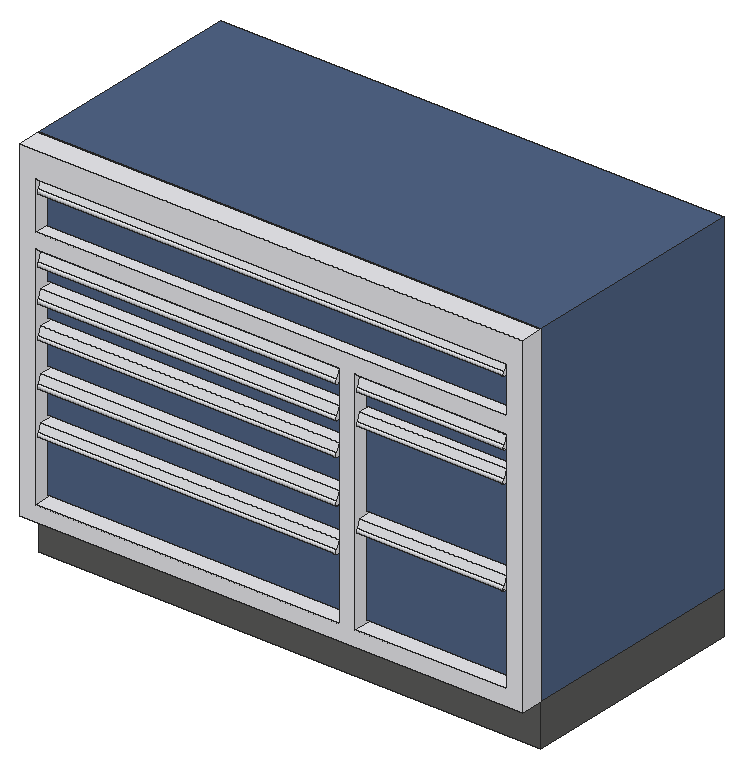
Revit family "Cabinet_Big-Drawer_No-Doors_Moduline", category Furniture, Revit 2026
Family settings
  Classification Number = 23.40.20.00
  Work Plane-Based = No
  Enable Cutting in Views = No
  Always vertical = Yes
  Cut with Voids When Loaded = No
  Render Appearance Source = Family Geometry
  Shared = No
  Room Calculation Point = No
Parameters (values of type "32"H x 24"D x 48"W")
  Width = 48.000"
  URL = "https://modulinecabinets.com"
  Toe Kick Material [instance] = Metal - Moduline Aluminum Cabinets - Black
  Toe Kick Height [instance] = if(Toe Kick 2in, 2.000", 4.000")  # 4.000"
  Toe Kick 4in [instance] = not(Toe Kick 2in)  # yes
  Toe Kick 2in [instance] = no
  Right Drawers Segment Length = if(Width = 48.000", 14.000", if(Width = 60.000", 22.500", 0.000"))  # 14.000"
  Product Page URL = "https://www.arcat.com/company/moduline-aluminum-cabinets-54175"
  Model = "Pro II Big Drawer Units"
  Manufacturer = "Moduline Aluminum Cabinets"
  Left Drawers Segment Length = if(Width = 60.000", 32.000", if(Width = 48.000", 28.500", 0.000"))  # 28.500"
  Keynote = "12 35 00"
  Height = 31.875"
  Handle Length = Width - 3.500"  # 44.500"
  Frame Material [instance] = Aluminum - Moduline Aluminum Cabinets - Clear Anodized
  Drawer Clearance = if(Depth = 24.000", 20.750", if(Depth = 18.000", 14.750", 0.000"))  # 20.750"
  Description = "Modular Big Drawer Unit, 32\" Height x 24\" Depth x 48\" Width"
  Depth = 24.000"  # constant formula
  Default Elevation = 0.000"
  Copyright = "ARCAT"
  Cabinet Material [instance] = Aluminum - Moduline Aluminum Cabinets - Moduline Blue
  36" Height Drawers Configuration = no
  32" Height Drawers Configuration = yes
Types (4): name | Width | Right Drawers Segment Length | Left Drawers Segment Length | Height | Handle Length | Description | 36" Height Drawers Configuration | 32" Height Drawers Configuration
  32"H x 24"D x 48"W | 48.000" | 14.000" | 28.500" | 31.875" | 44.500" | "Modular Big Drawer Unit, 32\" Height x 24\" Depth x 48\" Width" | no | yes
  36"H x 24"D x 60"W | 60.000" | 22.500" | 32.000" | 35.875" | 56.500" | "Modular Big Drawer Unit, 36\" Height x 24\" Depth x 60\" Width" | yes | no
  36"H x 24"D x 48"W | 48.000" | 14.000" | 28.500" | 35.875" | 44.500" | "Modular Big Drawer Unit, 36\" Height x 24\" Depth x 48\" Width" | yes | no
  32"H x 24"D x 60"W | 60.000" | 22.500" | 32.000" | 31.875" | 56.500" | "Modular Big Drawer Unit, 32\" Height x 24\" Depth x 60\" Width" | no | yes
Reference planes (in)
  plane 1 "Center Front/Back": y = 0
  plane 2 "Bottom": z = 0
  plane 3 "Center Left/Right": x = 0
  plane 4 "Top": z = 35.875
  plane 5 "Left": x = -24
  plane 6 "Right": x = 24
  plane 7 "Toe Kick Height": z = 4
  plane 8 "Front": y = -24
  plane 9 "Frame Back": y = -21.81448
  plane 10 "Drawer Handle": y = -22.31448
  plane 11 "Left Door/Drawer": x = -22.25
  plane 12 "Left Left Door/Drawer": x = 6.25
  plane 13 "Right Door/Drawer": x = 8.25
  plane 14 "Right Right Door/Drawer": x = 22.25
Forms (in)
  Extrusion 1, solid, material "Metal - Moduline Aluminum Cabinets - Black" <- "Toe Kick Material"
    sketch origin (0, 0, 0) x (0, 1, 0) y (0, 0, 1)
      loop
        line (-21.81448, 4) -> (-21.81448, 0) -> (0, 0) -> (0, 4) -> (-21.81448, 4)
    from -24 to 24
  Extrusion 2, solid, material "Aluminum - Moduline Aluminum Cabinets - Clear Anodized" <- "Frame Material"
    sketch origin (0, 0, 0) x (1, 0, 0) y (0, 0, 1)
      loop
        line (-24, 35.875) -> (-24, 4) -> (24, 4) -> (24, 35.875) -> (-24, 35.875)
      loop
        line (-22.5, 33.38183) -> (-22.5, 28.85618) -> (22.5, 28.85618) -> (22.5, 33.38183) -> (-22.5, 33.38183)
      loop
        line (-22.5, 5.5) -> (6.5, 5.5) -> (6.5, 27.36196) -> (-22.5, 27.36196) -> (-22.5, 5.5)
      loop
        line (22.5, 5.5) -> (22.5, 27.36196) -> (8, 27.36196) -> (8, 5.5) -> (22.5, 5.5)
    from 21.81448 to 24
  Extrusion 3, solid, material "Aluminum - Moduline Aluminum Cabinets - Moduline Blue" <- "Cabinet Material", visible <- "32" Height Drawers Configuration"
    sketch origin (0, 0, 0) x (1, 0, 0) y (0, 0, 1)
      loop
        line (-22.25, 12.14196) -> (-22.25, 5.9) -> (6.25, 5.9) -> (6.25, 12.14196) -> (-22.25, 12.14196)
      loop
        line (-22.25, 16.28696) -> (-22.25, 12.78696) -> (6.25, 12.78696) -> (6.25, 16.28696) -> (-22.25, 16.28696)
      loop
        line (-22.25, 16.93196) -> (6.25, 16.93196) -> (6.25, 20.43196) -> (-22.25, 20.43196) -> (-22.25, 16.93196)
      loop
        line (-22.25, 23.57696) -> (-22.25, 21.07696) -> (6.25, 21.07696) -> (6.25, 23.57696) -> (-22.25, 23.57696)
      loop
        line (-22.25, 24.22196) -> (6.25, 24.22196) -> (6.25, 26.72196) -> (-22.25, 26.72196) -> (-22.25, 24.22196)
      loop
        line (8.25, 14.64196) -> (8.25, 5.9) -> (22.25, 5.9) -> (22.25, 14.64196) -> (8.25, 14.64196)
      loop
        line (8.25, 23.78696) -> (8.25, 15.28696) -> (22.25, 15.28696) -> (22.25, 23.78696) -> (8.25, 23.78696)
      loop
        line (8.25, 24.22196) -> (22.25, 24.22196) -> (22.25, 26.72196) -> (8.25, 26.72196) -> (8.25, 24.22196)
      loop
        line (-22.25, 32.994) -> (-22.25, 28.994) -> (22.25, 28.994) -> (22.25, 32.994) -> (-22.25, 32.994)
    from 21.81448 to 22.89839
  Extrusion 4, solid, material "Aluminum - Moduline Aluminum Cabinets - Moduline Blue" <- "Cabinet Material"
    sketch origin (0, 0, 0) x (0, 1, 0) y (0, 0, 1)
      loop
        line (0, 35.875) -> (-21.81448, 35.875) -> (-21.81448, 4) -> (0, 4) -> (0, 35.875)
    from -24 to 24
  Extrusion 5, solid, material "Aluminum - Moduline Aluminum Cabinets - Moduline Blue" <- "Cabinet Material", visible <- "36" Height Drawers Configuration"
    sketch origin (0, -22.31448, 0) x (0, 0, 1) y (-1, 0, 0)
      loop
        line (36.999, 22.25) -> (32.999, 22.25) -> (32.999, -22.25) -> (36.999, -22.25) -> (36.999, 22.25)
      loop
        line (12.07196, 22.25) -> (5.9, 22.25) -> (5.9, -6.25) -> (12.07196, -6.25) -> (12.07196, 22.25)
      loop
        line (16.21696, 22.25) -> (12.71696, 22.25) -> (12.71696, -6.25) -> (16.21696, -6.25) -> (16.21696, 22.25)
      loop
        line (20.36196, 22.25) -> (16.86196, 22.25) -> (16.86196, -6.25) -> (20.36196, -6.25) -> (20.36196, 22.25)
      loop
        line (21.00696, 22.25) -> (21.00696, -6.25) -> (24.50696, -6.25) -> (24.50696, 22.25) -> (21.00696, 22.25)
      loop
        line (25.15196, 22.25) -> (25.15196, -6.25) -> (27.65196, -6.25) -> (27.65196, 22.25) -> (25.15196, 22.25)
      loop
        line (30.79696, 22.25) -> (28.29696, 22.25) -> (28.29696, -6.25) -> (30.79696, -6.25) -> (30.79696, 22.25)
      loop
        line (5.9, -8.25) -> (5.9, -22.25) -> (16.4, -22.25) -> (16.4, -8.25) -> (5.9, -8.25)
      loop
        line (30.555, -8.25) -> (28.055, -8.25) -> (28.055, -22.25) -> (30.555, -22.25) -> (30.555, -8.25)
      loop
        line (27.41781, -8.25) -> (16.91781, -8.25) -> (16.91781, -22.25) -> (27.41781, -22.25) -> (27.41781, -8.25)
    from -0.5 to 0.58391
Lines and regions (in)
  Masking region 1
    outline origin (0, 0, 0) x (1, 0, 0) y (0, 1, 0)
      loop
        line (-24, 0) -> (-24, -24) -> (24, -24) -> (24, 0) -> (-24, 0)
  model lines
    curve 1: line (24, 0, 35.3385) -> (24, 0, 35.50732)
  symbolic lines, style "FurnitureHiddenLines"
    curve 2: line (-24, -24, 35.875) -> (-24, -44.75, 35.875)
    curve 3: line (-24, -44.75, 35.875) -> (24, -44.75, 35.875)
    curve 4: line (24, -44.75, 35.875) -> (24, -24, 35.875)
Dimensions and locks (in)
  "Toe Kick Height": plane 7 "Toe Kick Height" to plane 2 "Bottom"
  "Height": plane 4 "Top" to plane 7 "Toe Kick Height"
  "Width": plane 6 "Right" to plane 5 "Left"
  equal spacing: plane 6 "Right", plane 3 "Center Left/Right", plane 5 "Left"
  locked: plane 8 "Front" to Extrusion 1 sketch curve at 2.18552
  plane 9 "Frame Back" to plane 8 "Front" = 2.18552"
  plane 9 "Frame Back" to plane 10 "Drawer Handle" = 0.500"
  "Depth": plane 8 "Front" to plane 1 "Center Front/Back"
  "Drawer Clearance": curve 3 to plane 8 "Front"
  plane 4 "Top" to Extrusion 2 sketch curve = 2.49317"
  plane 10 "Drawer Handle" to plane 8 "Front" = 1.68552"
  Extrusion 2 sketch curve to plane 6 "Right" = 16.000"
  Extrusion 2 sketch curve to plane 6 "Right" = 17.500"
  locked: plane 4 "Top" to Extrusion 2 sketch curve at 7.01882
  locked: plane 4 "Top" to Extrusion 2 sketch curve at 8.51304  (x2)
  plane 11 "Left Door/Drawer" to plane 5 "Left" = 1.750"
  "Left Drawers Segment Length": plane 12 "Left Left Door/Drawer" to plane 11 "Left Door/Drawer"
  locked: Extrusion 2 sketch curve to plane 12 "Left Left Door/Drawer" at 0.25
  locked: Extrusion 2 sketch curve to plane 12 "Left Left Door/Drawer" at 1.75
  locked: Extrusion 3 sketch curve to plane 12 "Left Left Door/Drawer" at 2  (x3)
  locked: plane 4 "Top" to nested 1 at 3.11233
  locked: plane 4 "Top" to nested 4 at 9.38938
  locked: plane 4 "Top" to nested 2 at 12.53438
  locked: plane 4 "Top" to nested 3 at 15.67938
  locked: plane 4 "Top" to nested 5 at 19.82438
  locked: plane 4 "Top" to nested 6 at 23.96938
  "Right Drawers Segment Length": plane 14 "Right Right Door/Drawer" to plane 13 "Right Door/Drawer"
  plane 6 "Right" to plane 14 "Right Right Door/Drawer" = 1.750"
  plane 13 "Right Door/Drawer" to plane 12 "Left Left Door/Drawer" = 2.000"
  locked: plane 4 "Top" to nested 7 at 9.38938
  locked: plane 4 "Top" to nested 8 at 12.32438  (x2)
  locked: plane 4 "Top" to nested 9 at 21.46938
  Extrusion 2 sketch curve to plane 13 "Right Door/Drawer" = 0.250"
  locked: plane 4 "Top" to Extrusion 3 sketch curve at 6.881
  locked: plane 4 "Top" to Extrusion 3 sketch curve at 2.881
  Extrusion 3 sketch curve to Extrusion 3 sketch curve = 2.500"  (x3)
  Extrusion 3 sketch curve to Extrusion 3 sketch curve = 3.500"  (x2)
  Extrusion 3 sketch curve to Extrusion 3 sketch curve = 6.24196"
  Extrusion 3 sketch curve to Extrusion 3 sketch curve = 8.74196"
  Extrusion 3 sketch curve to Extrusion 3 sketch curve = 8.500"
  locked: Extrusion 5 sketch curve to Extrusion 5 sketch curve at 4
  Extrusion 5 sketch curve to Extrusion 5 sketch curve = 2.500"  (x3)
  Extrusion 5 sketch curve to Extrusion 5 sketch curve = 3.500"  (x3)
  Extrusion 5 sketch curve to Extrusion 5 sketch curve = 6.17196"
  Extrusion 5 sketch curve to Extrusion 3 = 10.500"
  Extrusion 5 sketch curve to Extrusion 5 sketch curve = 10.500"
  locked: plane 4 "Top" to nested 10 at 9.31438
  locked: plane 4 "Top" to nested 11 at 12.45938
  locked: plane 4 "Top" to nested 12 at 15.60438
  locked: plane 4 "Top" to nested 13 at 19.74938
  locked: plane 4 "Top" to nested 14 at 23.89438
  locked: plane 4 "Top" to nested 15 at 28.03938
  locked: plane 4 "Top" to nested 16 at 9.31438
  locked: plane 4 "Top" to nested 18 at 23.46938
  Extrusion 3 sketch curve to Extrusion 2 = 0.400"
  aligned and locked: level to plane 2 "Bottom"
  aligned and locked: plane 7 "Toe Kick Height" to Extrusion 1 sketch curve
  aligned and locked: plane 1 "Center Front/Back" to Extrusion 1 sketch curve
  aligned and locked: plane 2 "Bottom" to Extrusion 1 sketch curve
  aligned and locked: plane 6 "Right" to Extrusion 1
  aligned and locked: Extrusion 1 to plane 5 "Left"
  aligned and locked: Extrusion 2 sketch curve to plane 4 "Top"
  aligned and locked: plane 5 "Left" to Extrusion 2 sketch curve
  aligned and locked: Extrusion 2 sketch curve to plane 6 "Right"
  aligned and locked: Extrusion 2 sketch curve to plane 7 "Toe Kick Height"
  aligned and locked: Extrusion 2 to plane 8 "Front"
  aligned and locked: plane 9 "Frame Back" to Extrusion 2
  aligned and locked: plane 9 "Frame Back" to Extrusion 3
  aligned and locked: Masking region 1 sketch curve to plane 6 "Right"
  aligned and locked: plane 1 "Center Front/Back" to Masking region 1 sketch curve
  aligned and locked: plane 5 "Left" to Masking region 1 sketch curve
  aligned and locked: plane 8 "Front" to Masking region 1 sketch curve
  aligned and locked: Extrusion 3 sketch curve to plane 12 "Left Left Door/Drawer"  (x3)
  aligned and locked: plane 12 "Left Left Door/Drawer" to Extrusion 3 sketch curve  (x2)
  aligned and locked: Extrusion 3 sketch curve to plane 11 "Left Door/Drawer"  (x2)
  aligned and locked: plane 11 "Left Door/Drawer" to Extrusion 3 sketch curve  (x3)
  aligned and locked: plane 12 "Left Left Door/Drawer" to nested 4
  aligned and locked: plane 11 "Left Door/Drawer" to nested 4
  aligned and locked: plane 11 "Left Door/Drawer" to nested 2
  aligned and locked: plane 12 "Left Left Door/Drawer" to nested 2
  aligned and locked: plane 12 "Left Left Door/Drawer" to nested 3
  aligned and locked: plane 11 "Left Door/Drawer" to nested 3
  aligned and locked: plane 11 "Left Door/Drawer" to nested 5
  aligned and locked: plane 12 "Left Left Door/Drawer" to nested 5
  aligned and locked: plane 11 "Left Door/Drawer" to nested 6
  aligned and locked: plane 12 "Left Left Door/Drawer" to nested 6
  aligned and locked: plane 11 "Left Door/Drawer" to nested 1
  aligned and locked: plane 14 "Right Right Door/Drawer" to nested 1
  aligned and locked: plane 14 "Right Right Door/Drawer" to nested 7
  aligned and locked: plane 14 "Right Right Door/Drawer" to nested 8
  aligned and locked: plane 14 "Right Right Door/Drawer" to nested 9
  aligned and locked: plane 1 "Center Front/Back" to Extrusion 4 sketch curve
  aligned and locked: Extrusion 4 sketch curve to plane 4 "Top"
  aligned and locked: Extrusion 4 sketch curve to plane 7 "Toe Kick Height"
  aligned and locked: plane 9 "Frame Back" to Extrusion 4 sketch curve
  aligned and locked: plane 6 "Right" to Extrusion 4
  aligned and locked: Extrusion 4 to plane 5 "Left"
  aligned and locked: plane 11 "Left Door/Drawer" to Extrusion 5 sketch curve  (x4)
  aligned and locked: Extrusion 5 sketch curve to plane 14 "Right Right Door/Drawer"  (x2)
  aligned and locked: Extrusion 5 sketch curve to plane 12 "Left Left Door/Drawer"  (x3)
  aligned and locked: Extrusion 5 sketch curve to plane 11 "Left Door/Drawer"
  aligned and locked: plane 12 "Left Left Door/Drawer" to Extrusion 5 sketch curve
  aligned and locked: Extrusion 5 sketch curve to plane 13 "Right Door/Drawer"
  aligned and locked: plane 14 "Right Right Door/Drawer" to Extrusion 5 sketch curve
  aligned and locked: plane 13 "Right Door/Drawer" to Extrusion 5 sketch curve
  aligned and locked: Extrusion 5 to Extrusion 1
  aligned and locked: plane 11 "Left Door/Drawer" to nested 10
  aligned and locked: plane 12 "Left Left Door/Drawer" to nested 10
  aligned and locked: plane 12 "Left Left Door/Drawer" to nested 11
  aligned and locked: plane 11 "Left Door/Drawer" to nested 11
  aligned and locked: plane 11 "Left Door/Drawer" to nested 12
  aligned and locked: plane 12 "Left Left Door/Drawer" to nested 12
  aligned and locked: plane 12 "Left Left Door/Drawer" to nested 13
  aligned and locked: plane 11 "Left Door/Drawer" to nested 13
  aligned and locked: plane 11 "Left Door/Drawer" to nested 14
  aligned and locked: plane 12 "Left Left Door/Drawer" to nested 14
  aligned and locked: plane 11 "Left Door/Drawer" to nested 15
  aligned and locked: plane 12 "Left Left Door/Drawer" to nested 15
  aligned and locked: plane 13 "Right Door/Drawer" to nested 17
  aligned and locked: plane 14 "Right Right Door/Drawer" to nested 17
  aligned and locked: plane 13 "Right Door/Drawer" to nested 18
  aligned and locked: plane 14 "Right Right Door/Drawer" to nested 18
  aligned and locked: plane 13 "Right Door/Drawer" to nested 16
  aligned and locked: plane 14 "Right Right Door/Drawer" to nested 16
Automatic sketch dimensions
  Extrusion 3 sketch curve to plane 14 "Right Right Door/Drawer" = 0.000"  (x4)
  Extrusion 3 sketch curve to Extrusion 3 sketch curve = 0.645"  (x5)
  Extrusion 3 sketch curve to Extrusion 3 sketch curve = 0.435"
  Extrusion 3 sketch curve to Extrusion 3 sketch curve = 0.000"
  Extrusion 3 sketch curve to plane 11 "Left Door/Drawer" = 0.000"
  curve 1 to plane 6 "Right" = 0.000"
  curve 1 to plane 4 "Top" = 0.5365"
  curve 1 to curve 1 = 0.16882"
  Extrusion 2 sketch curve to plane 11 "Left Door/Drawer" = 0.250"  (x2)
  Extrusion 2 sketch curve to plane 6 "Right" = 1.500"  (x2)
  Extrusion 2 sketch curve to plane 7 "Toe Kick Height" = 1.500"  (x2)
  Extrusion 5 sketch curve to plane 13 "Right Door/Drawer" = 0.000"
  Extrusion 5 sketch curve to plane 14 "Right Right Door/Drawer" = 0.000"
  Extrusion 5 sketch curve to plane 11 "Left Door/Drawer" = 0.000"  (x2)
  Extrusion 5 sketch curve to plane 12 "Left Left Door/Drawer" = 0.000"  (x2)
  Extrusion 5 sketch curve to plane 7 "Toe Kick Height" = 1.900"  (x2)
  Extrusion 5 sketch curve to Extrusion 5 sketch curve = 0.645"  (x5)
  Extrusion 5 sketch curve to Extrusion 5 sketch curve = 0.51781"
  Extrusion 5 sketch curve to Extrusion 5 sketch curve = 0.63719"
  Extrusion 5 sketch curve to Extrusion 5 sketch curve = 2.20205"
  curve 4 to plane 6 "Right" = 0.000"
  curve 3 to plane 5 "Left" = 0.000"
  curve 4 to plane 8 "Front" = 0.000"
  curve 2 to plane 8 "Front" = 0.000"
Nested families (in)
  nested 1: "NEST_QuickDraw-Single_Action_Latch_System" at (0, -22.31448, 32.76267) x (1, 0, 0) z (0, -1, 0), Drawer Handle Material <- "Frame Material", type "NEST_QuickDraw-Single_Action_Latch_System"
    with Length 44.500", Drawer Handle Material Aluminum - Moduline Aluminum Cabinets - Clear Anodized
  nested 2: "NEST_QuickDraw-Single_Action_Latch_System" at (-8, -22.31448, 23.34062) x (1, 0, 0) z (0, -1, 0), Drawer Handle Material <- "Frame Material", Length <- "Left Drawers Segment Length", visible <- "32" Height Drawers Configuration", type "NEST_QuickDraw-Single_Action_Latch_System"
    with Length 28.500", Drawer Handle Material Aluminum - Moduline Aluminum Cabinets - Clear Anodized
  nested 3: "NEST_QuickDraw-Single_Action_Latch_System" at (-8, -22.31448, 20.19562) x (1, 0, 0) z (0, -1, 0), Drawer Handle Material <- "Frame Material", Length <- "Left Drawers Segment Length", visible <- "32" Height Drawers Configuration", type "NEST_QuickDraw-Single_Action_Latch_System"
    with Length 28.500", Drawer Handle Material Aluminum - Moduline Aluminum Cabinets - Clear Anodized
  nested 4: "NEST_QuickDraw-Single_Action_Latch_System" at (-8, -22.31448, 26.48562) x (1, 0, 0) z (0, -1, 0), Drawer Handle Material <- "Frame Material", Length <- "Left Drawers Segment Length", visible <- "32" Height Drawers Configuration", type "NEST_QuickDraw-Single_Action_Latch_System"
    with Length 28.500", Drawer Handle Material Aluminum - Moduline Aluminum Cabinets - Clear Anodized
  nested 5: "NEST_QuickDraw-Single_Action_Latch_System" at (-8, -22.31448, 16.05062) x (1, 0, 0) z (0, -1, 0), Drawer Handle Material <- "Frame Material", Length <- "Left Drawers Segment Length", visible <- "32" Height Drawers Configuration", type "NEST_QuickDraw-Single_Action_Latch_System"
    with Length 28.500", Drawer Handle Material Aluminum - Moduline Aluminum Cabinets - Clear Anodized
  nested 6: "NEST_QuickDraw-Single_Action_Latch_System" at (-8, -22.31448, 11.90562) x (1, 0, 0) z (0, -1, 0), Drawer Handle Material <- "Frame Material", Length <- "Left Drawers Segment Length", visible <- "32" Height Drawers Configuration", type "NEST_QuickDraw-Single_Action_Latch_System"
    with Length 28.500", Drawer Handle Material Aluminum - Moduline Aluminum Cabinets - Clear Anodized
  nested 7: "NEST_QuickDraw-Single_Action_Latch_System" at (15.25, -22.31448, 26.48562) x (1, 0, 0) z (0, -1, 0), Drawer Handle Material <- "Frame Material", Length <- "Right Drawers Segment Length", visible <- "32" Height Drawers Configuration", type "NEST_QuickDraw-Single_Action_Latch_System"
    with Length 14.000", Drawer Handle Material Aluminum - Moduline Aluminum Cabinets - Clear Anodized
  nested 8: "NEST_QuickDraw-Single_Action_Latch_System" at (15.25, -22.31448, 23.55062) x (1, 0, 0) z (0, -1, 0), Drawer Handle Material <- "Frame Material", Length <- "Right Drawers Segment Length", visible <- "32" Height Drawers Configuration", type "NEST_QuickDraw-Single_Action_Latch_System"
    with Length 14.000", Drawer Handle Material Aluminum - Moduline Aluminum Cabinets - Clear Anodized
  nested 9: "NEST_QuickDraw-Single_Action_Latch_System" at (15.25, -22.31448, 14.40562) x (1, 0, 0) z (0, -1, 0), Drawer Handle Material <- "Frame Material", Length <- "Right Drawers Segment Length", visible <- "32" Height Drawers Configuration", type "NEST_QuickDraw-Single_Action_Latch_System"
    with Length 14.000", Drawer Handle Material Aluminum - Moduline Aluminum Cabinets - Clear Anodized
  nested 10: "NEST_QuickDraw-Single_Action_Latch_System" at (-8, -22.31448, 26.56062) x (1, 0, 0) z (0, -1, 0), visible <- "36" Height Drawers Configuration", Drawer Handle Material <- "Frame Material", Length <- "Left Drawers Segment Length", type "NEST_QuickDraw-Single_Action_Latch_System"
    with Length 28.500", Drawer Handle Material Aluminum - Moduline Aluminum Cabinets - Clear Anodized
  nested 11: "NEST_QuickDraw-Single_Action_Latch_System" at (-8, -22.31448, 23.41562) x (1, 0, 0) z (0, -1, 0), Length <- "Left Drawers Segment Length", Drawer Handle Material <- "Frame Material", visible <- "36" Height Drawers Configuration", type "NEST_QuickDraw-Single_Action_Latch_System"
    with Length 28.500", Drawer Handle Material Aluminum - Moduline Aluminum Cabinets - Clear Anodized
  nested 12: "NEST_QuickDraw-Single_Action_Latch_System" at (-8, -22.31448, 20.27062) x (1, 0, 0) z (0, -1, 0), visible <- "36" Height Drawers Configuration", Drawer Handle Material <- "Frame Material", Length <- "Left Drawers Segment Length", type "NEST_QuickDraw-Single_Action_Latch_System"
    with Length 28.500", Drawer Handle Material Aluminum - Moduline Aluminum Cabinets - Clear Anodized
  nested 13: "NEST_QuickDraw-Single_Action_Latch_System" at (-8, -22.31448, 16.12562) x (1, 0, 0) z (0, -1, 0), visible <- "36" Height Drawers Configuration", Drawer Handle Material <- "Frame Material", Length <- "Left Drawers Segment Length", type "NEST_QuickDraw-Single_Action_Latch_System"
    with Length 28.500", Drawer Handle Material Aluminum - Moduline Aluminum Cabinets - Clear Anodized
  nested 14: "NEST_QuickDraw-Single_Action_Latch_System" at (-8, -22.31448, 11.98062) x (1, 0, 0) z (0, -1, 0), visible <- "36" Height Drawers Configuration", Drawer Handle Material <- "Frame Material", Length <- "Left Drawers Segment Length", type "NEST_QuickDraw-Single_Action_Latch_System"
    with Length 28.500", Drawer Handle Material Aluminum - Moduline Aluminum Cabinets - Clear Anodized
  nested 15: "NEST_QuickDraw-Single_Action_Latch_System" at (-8, -22.31448, 7.83562) x (1, 0, 0) z (0, -1, 0), visible <- "36" Height Drawers Configuration", Drawer Handle Material <- "Frame Material", Length <- "Left Drawers Segment Length", type "NEST_QuickDraw-Single_Action_Latch_System"
    with Length 28.500", Drawer Handle Material Aluminum - Moduline Aluminum Cabinets - Clear Anodized
  nested 16: "NEST_QuickDraw-Single_Action_Latch_System" at (15.25, -22.31448, 26.56062) x (1, 0, 0) z (0, -1, 0), visible <- "36" Height Drawers Configuration", Drawer Handle Material <- "Frame Material", Length <- "Right Drawers Segment Length", type "NEST_QuickDraw-Single_Action_Latch_System"
    with Length 14.000", Drawer Handle Material Aluminum - Moduline Aluminum Cabinets - Clear Anodized
  nested 17: "NEST_QuickDraw-Single_Action_Latch_System" at (15.25, -21.81448, 23.42343) x (1, 0, 0) z (0, -1, 0), visible <- "36" Height Drawers Configuration", Drawer Handle Material <- "Frame Material", Length <- "Right Drawers Segment Length", type "NEST_QuickDraw-Single_Action_Latch_System"
    with Length 14.000", Drawer Handle Material Aluminum - Moduline Aluminum Cabinets - Clear Anodized
  nested 18: "NEST_QuickDraw-Single_Action_Latch_System" at (15.25, -22.31448, 12.40562) x (1, 0, 0) z (0, -1, 0), visible <- "36" Height Drawers Configuration", Drawer Handle Material <- "Frame Material", Length <- "Right Drawers Segment Length", type "NEST_QuickDraw-Single_Action_Latch_System"
    with Length 14.000", Drawer Handle Material Aluminum - Moduline Aluminum Cabinets - Clear Anodized
Definition of nested family "NEST_QuickDraw-Single_Action_Latch_System"
  Parameters (values of type "NEST_QuickDraw-Single_Action_Latch_System")
    Length [instance] = 32.29395"
    Drawer Handle Material [instance] = none
    Default Elevation = 48.000"
  Reference planes (in)
    plane 1 "Center (Front/Back)": y = 0
    plane 2: z = 0
    plane 3 "Center (Left/Right)": x = 0
    plane 4: x = 16.14697
    plane 5: x = -16.14697
  Forms (in)
    Extrusion 1, solid
      sketch origin (0, 0, 0) x (1, 0, 0) y (0, 1, 0)
        loop
          line (-48, 48) -> (-48, -48) -> (48, -48) -> (48, 48) -> (-48, 48)
      from 0 to -12
    Extrusion 2, solid, material <- "Drawer Handle Material"
      sketch origin (0.42706, -2.62559, -0.04495) x (0, 1, 0) y (0, 0, 1)
        loop
          line (3.19475, 0.04495) -> (3.19475, 1.41644) -> (2.42653, 1.66605)
          arc (2.42653, 1.66605) -> (2.07868, 1.7476) -> (2.33745, 1.50125) r 0.18511
          line (2.33745, 1.50125) -> (2.85692, 1.33246) -> (2.85692, 0.04495) -> (3.19475, 0.04495)
      from -16.57403 to 15.71991
  Dimensions and locks (in)
    equal spacing: plane 5, plane 3 "Center (Left/Right)", plane 4
    "Length": plane 5 to plane 4
    aligned and locked: plane 2 to Extrusion 1
    aligned and locked: level to Extrusion 1
    aligned and locked: plane 2 to Extrusion 2 sketch curve
    aligned and locked: plane 5 to Extrusion 2
    aligned and locked: plane 4 to Extrusion 2
  Automatic sketch dimensions
    Extrusion 1 sketch curve to Extrusion 1 sketch curve = 96.000"  (x2)
    Extrusion 2 sketch curve to Extrusion 2 sketch curve = 0.09592"
    Extrusion 2 sketch curve to Extrusion 2 sketch curve = 0.185"
    Extrusion 2 sketch curve to Extrusion 2 sketch curve = 0.51947"
    Extrusion 2 sketch curve to Extrusion 2 sketch curve = 0.33783"
    Extrusion 2 sketch curve to Extrusion 2 sketch curve = 1.28751"
    Extrusion 2 sketch curve to Extrusion 2 sketch curve = 0.08398"
    Extrusion 2 sketch curve to Extrusion 2 sketch curve = 0.16879"
    Extrusion 2 sketch curve to Extrusion 2 sketch curve = 0.15832"
    plane 1 "Center (Front/Back)" to Extrusion 2 sketch curve = 0.38405"
